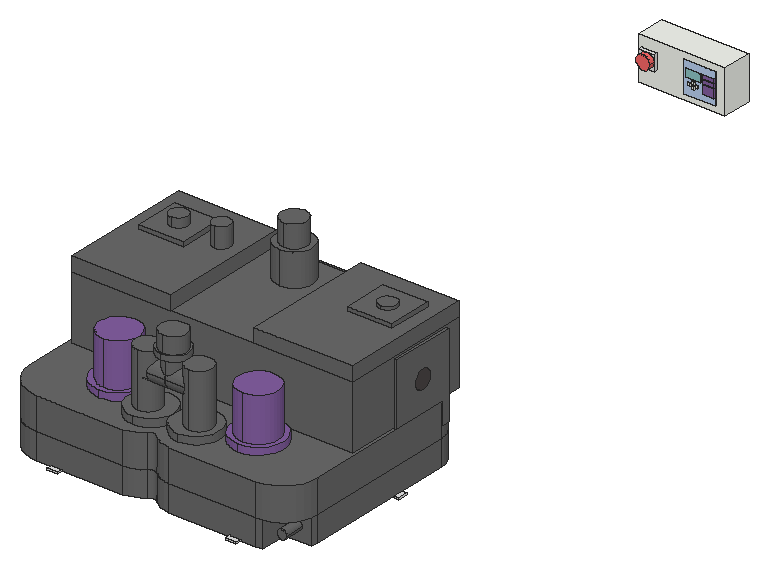
Revit family "11054", category Generic Models, Revit 2021
Family settings
  Can host rebar = No
  Round Connector Dimension = Use Diameter
  Part Type = Normal
  Work Plane-Based = No
  Always vertical = Yes
  Cut with Voids When Loaded = No
  Shared = Yes
  Room Calculation Point = No
Parameters (values of type "11054")
  SUPPLIER = "KESSEL"
  SA700ID49 = "Protection Class I"
  SA700ID48 = "no"
  SA700ID47 = "no"
  SA700ID46 = "yes"
  SA700ID37 = 16000 mm
  SA700ID34 = 47
  SA700ID33 = 3.2 W
  SA700ID32 = 114.95 kg
  SA700ID31 = 1
  SA700ID30 = 2
  SA700ID29 = "GLRD"
  SA700ID21 = 1600
  SA700ID10 = "yes"
  SA700ID08 = 400 V
  PROCUREWEBLINK = "https://p.caden.as/kessel/11054"
  PROCURELINK = "p.caden.as/kessel/11054"
  PROCUREDATALASTUPDATE = "2024-05-22T12:17:50.491001613+01:00"
  PREVIEW = "../../bilder/ksb_w_11054.png"
  PRC_SPECIFICATIONLINK = "https://ausschreiben.de/catalog/kessel/catalogItem/a0bdbd03-12e1-492a-a1d0-bb80c7698ff1"
  NN = "Lifting station Aqualift F XL"
  NBSYN = "$SA810ID03."
  NB = "11054"
  Model = "11054"
  Manufacturer = "KESSEL"
  MIdent = "{$CADENAS_DATA/23d-libs/kessel/kessel_vdi_import/4/entwaesserung/hebeanlage20aqualift20f20xl.prj},201 {STYP=ASS},{VTYP=3D},{NB=11054},{LINA=11054},{NN=Lifting station Aqualift F XL},{DATE=21.11.2022 10:48:11},{GEOMDATE=21.11.2022 10:48:11},{VERSION=},{LINEID=340},{WBVAR=LODLEVEL},{WBNUMERIC=LODLEVEL}  {NB=11054},{LINA=11054},{KT=DUMMY},{PREVIEW=../../bilder/ksb_w_11054.png},{SA700ID04=Hebeanlage Aqualift F XL 450 l, Duo, SPF 3000-S3},{SA810ID06=04026092057216},{SA700ID34=47.00},{SA010ID03=201805},{SA810ID03=11054},{SA810ID10=Aqualift F XL 3000W-S3 Duo 450L o.S.KESSEL Aqualift F XL Hebeanlage für fäkalienhaltiges und fäkalienfreies Abwasser. Zur Aufstellung in frostgeschützten Räumen.Duoanlage mit zwei Pumpen des Typs SPF 3000-S3 Sammelbehälter aus Polyethylen, mit verschraubter Reinigungsöffnung,Anschlussstutzen für Zulauf von oben DN100/150.Inklusive Tauchrohr zur pneumatischen Niveauerfassung,Entlüftungsanschluss DN 70 und Anschluss für eine Handmembranpumpe DN 32.Behälter inklusive Haltewinkel zur Auftriebssicherung.Behältervolumen 450 Liter, max. Nutzvolumen bei Zulauf von oben ca. 250 Liter.Zwei seitliche und drei rückseitige Anbohrflächen zur Montage weiterer Zuläufe bis DN 200 unter Verwendung von Durchgangsdichtungen.Inklusive KESSEL Schaltgerät Aqualift Comfort 400 V.Anwenderfreundliche Menüführung im mehrzeiligem Display. MitSelbstdiagnosesystem (SDS) und Erinnerungsfunktion für nächste Wartung.Anzeige der aktuellen Messwerte. Einfache Einstellung derfunktionsrelevanten Parameter, inklusive Betriebsstundenzähler und potentialfreiem Kontakt. Optionale Weiterleitung von Alarm- und Sammelstörmeldung über GSM Schnittstelle.Schaltgerät mit Volltextanzeige in sechs Sprachen.Abwasserpumpe(n) mit Freistromrad zur Förderung von fäkalienfreiem und fäkalienhaltigem Abwasser gemäß DIN EN 12050-1. Freier Kugeldurchgang mindestens 40 mm. Pumpe(n) überflutungssicher.Inklusive Rückflussverhinderer, mit Druckabgang aus Kunststoff DN 100. Ohne Absperrschieber.Pumpe(n) Typ SPF 3000-S3Fördermenge: max. 47 m³/hFörderhöhe: max. 16 mNennleistung (P2): 2,7 KW je PumpeAufnahmeleistung (P1):  3,3 KW je PumpeBetriebsspannung: 400 V DSNennfrequenz: 50 HzNennstrom: 5,4 AAbsicherung: 3 x 16 A trägeSchutzart (Pumpe): IP68 3mWS/48hSchutzart (Schaltgerät): IP 65Bertiebsart: S3 (50 % Einschaltdauer)Kabellänge: 5 mAußenmaße Anlage mit 450 Liter Behälter (BxTxH): 1260 x 960 x 770 mmGewicht ca. 114,95 kg},{SA700ID37=16.00},{SA700ID33=3.20},{SA700ID08=400},{SA700ID30=2},{SA700ID32=114.95},{SA700ID49=Schutzklasse I},{SA700ID50=intern},{SA200ID03=6},{SA250ID03=vertikal},{SA260ID03=Trockenläuferpumpe},{SA350ID03=normalansaugend},{SA400ID03=E-Motor für Drehstrom},{SA460ID03=direkt},{SA500ID03=Kunststoff, Edelstahl},{SA700ID06=100},{SA700ID07=100},{SA700ID09=3/N/PE 400V},{SA700ID10=Ja},{SA700ID11=50},{SA700ID12=IP 68},{SA700ID13=F},{SA700ID15=40},{SA700ID21=1600.00},{SA700ID22=2.70},{SA700ID23=2845},{SA700ID24=2845},{SA700ID26=5.40},{SA700ID27=41.00},{SA700ID28=durchgehend},{SA700ID29=GLRD},{SA700ID31=1},{SA700ID46=ja},{SA700ID47=nein},{SA700ID48=nein},{SA110ID04=Hebeanlage Aqualift F XL},{SA300ID03=einstufig},{SA700ID44=10.00},{SA700ID45=10.00},{SA010ID04=KESSEL AG},{LODLEVEL=200},{LINK=https://www.kessel.de/info?han=11054},{SA970ID01=970},{SA970ID02=7201},{SA970ID03=11054},{SA970ID04=11002617},{SA970ID05=QUAD},{SA970ID06=-655.51},{SA970ID07=-836},{SA970ID08=0},{SA970ID09=1},{SA970ID10=0},{SA970ID11=0},{SA970ID12=0},{SA970ID13=1},{SA970ID14=0},{SA970ID15=1311.02},{SA970ID16=985.99},{SA970ID17=771},{LODLEVEL_=200,'Low'},{LODLEVEL_DEU=200,'Low'},{LINK_=https://www.kessel.de/info?han=11054},{LINK_DEU=https://www.kessel.de/info?han=11054},{LODLEVEL_3DB=11054_200},{DNIN1=100},{DNIN2=70},{DNIN4=10},{DNIN5=10},{DNIN6=50},{DNIN7=50},{DNIN8=50},{DNIN9=50},{DNOUT1=32},{DNOUT2=100},{DNOUT3=70},{ISD1=96},{ISD2=10},{ISDOUT1=40},{ISDOUT2=85},{ISDOUT3=60},{SA010ID01=010},{SA010ID02=4},{SA010ID06=www.kessel.de},{SA010ID07=www.kessel.de},{SA010ID12=20180713},{SA010ID13=DEU},{SA010ID14=DE},{SA100ID01=100},{SA100ID02=4},{SA100ID04=Entwässerung},{SA110ID01=110},{SA110ID02=6},{SA200ID01=200},{SA200ID02=6},{SA250ID01=250},{SA250ID02=2},{SA260ID01=260},{SA260ID02=2},{SA300ID01=300},{SA300ID02=1},{SA350ID01=350},{SA350ID02=1},{SA400ID01=400},{SA400ID02=2},{SA460ID01=460},{SA460ID02=1},{SA500ID01=500},{SA500ID02=1},{SA700ID01=700},{SA700ID02=57},{SA700ID10_=1},{SA700ID16=0},{SA700ID25=0},{SA700ID46_=1},{SA700ID47_=0},{SA700ID48_=0},{SA700ID49_=1},{SA700ID50_=2},{SA800ID01=800},{SA800ID02=21},{SA810ID01=810},{SA810ID02=57},{SA810ID04=11054},{SA810ID07=57},{SA810ID09=1},{SA810ID14=PCE},{SA810ID15=1},{SA810ID16=NMP},{SA960ID03=57},{SA960ID04=3L},{SA960ID08=https://www.kessel.de/info?han=11054},{SA010ID08=4026092000007},{SA100ID05=Hebeanlage},{SA110ID06=Hebeanlage}"
  LINK = "https://www.kessel.de/info?han=11054"
  LINA = "11054"
  Default Elevation = 0 mm
  CREATOR = "CADENAS GmbH"
  CATALOG = "KESSEL"
  BOMINFO = "LINA"
  ARTICLENO = "NB"
  4.810.00.9 Order quantity (multiplicator) = "1"
  4.810.00.7 Media- connection number = "57"
  4.810.00.6 GTIN number = "04026092057216"
  4.810.00.4 DATANORM number = "11054"
  4.810.00.3 Producer order number = "11054"
  4.710.03.7 Mass (net) = 114.95 kg
  4.710.03.6 Height = 770 mm
  4.710.03.5 Width = 1000 mm
  4.710.03.4 Length = 1260 mm
  4.710.03.3 Type of dimensions = "2"
  4.710.02.8 Area of application of wastewater pump = "1"
  4.710.02.7 Art des S2/S3-Betriebs = "50 %"
  4.710.02.6 Duty type = "S3"
  4.710.02.5 Cutting device = "0"
  4.710.02.4 Attached pump control = "1"
  4.710.02.3 Free passage = 40 mm
  4.710.01.6 Option to connect to building automation = "40"
  4.710.01.5 Load regulation = "0"
  4.710.01.4 Designation of closed-loop control = "250"
  4.710.01.3 Identifier for closed-loop control = "450"
  4.700.00.9 Voltage = 0
  4.700.00.8 Nominal connection size on suction side = "100"
  4.700.00.7 Nominal connection size on pressure side = "100"
  4.700.00.6 Type of connection = "100"
  4.700.00.4 Product indentification = "Hebeanlage Aqualift F XL 450 l, Duo, SPF 3000-S3"
  4.700.00.28 Motor pump shaft = "durchgehend"
  4.700.00.27 Starting current = 41
  4.700.00.26 Maximum power consumption per pump / drive = 5.4
  4.700.00.25 Minimum speed at internal speed adjustment = 0
  4.700.00.24 Nominal speed / maximum speed n = 47.4167
  4.700.00.23 Nominal speed of motor = 47.4167
  4.700.00.22 Maximum shaft output (P2) per pump/drive = 2.7 W
  4.700.00.16 Maximum temperature of pumped medium = 0 °C
  4.700.00.15 Increased safety class = "40 °C"
  4.700.00.13 Type of protection = "F"
  4.700.00.12 Frequency = 0
  4.700.00.11 Stern-/Dreieck-Anlaufschaltung bei Dreiphasenanschluss oder Drehstrom = "50 Hz"
  4.700.00.10 Phase = "1"
  4.500.00.3 Variant / Variant type / Accessories-name = "Kunststoff, Edelstahl"
  4.460.00.3 Variant / Variant type / Accessories-name = "direkt"
  4.400.00.3 Variant / Variant type / Accessories-name = "E-Motor für Drehstrom"
  4.350.00.3 Variant / Variant type / Accessories-name = "normalansaugend"
  4.300.00.3 Variant / Variant type / Accessories-name = "einstufig"
  4.260.00.3 Variant / Variant type / Accessories-name = "Trockenläuferpumpe"
  4.250.00.3 Variant / Variant type / Accessories-name = "vertikal"
  4.200.00.3 Variant / Variant type / Accessories-name = "6"
  4.110.00.6 Product classification = "Hebeanlage"
  4.110.00.4 Product indentification = "Hebeanlage Aqualift F XL"
  4.100.00.5 Main groups of wares = "Hebeanlage"
  4.100.00.4 Product indentification = "Entwässerung"
  4.010.00.8 Producer ID number = "4026092000007"
  4.010.00.7 Comment = "www.kessel.de"
  4.010.00.6 Web address of the manufacturer = "www.kessel.de"
  4.010.00.4 Manufacturer name = "KESSEL AG"
  4.010.00.3 Date of issuance (month) of guideline = "201805"
  4.010.00.2 Sheet number of the guideline = "4"
  4.010.00.14 Kennungen der Projektländer, für die die Datei gültig ist = "DE"
  4.010.00.13 Sprache der Datei = "DEU"
  4.010.00.12 Stand des Herstellerkatalogs = "20180713"
Reference planes
  plane 1 "Center (Front/Back)": y = 0
  plane 2: z = 0
  plane 3 "Center (Left/Right)": x = 0
Dimensions and locks
  aligned and locked: level to plane 2
Nested families
  nested 1: "11054_content" at (0, 0, 0), type "11054_Content"
  nested 2: "11054_part1_X0Y0" at (1000, 1000, 1200), type "11054_PART1_X0Y0"
  nested 3: "11054_part2_X0Y0" at (0, 0, 0), type "11054_PART2_X0Y0"
Connectors
  electrical at (861, 933, 1201.5)
    settings: on nested 2, index 1, voltage 0 V, apparent load 0 VA, apparent load phase1 0 VA, apparent load phase2 0 VA, apparent load phase3 0 VA, power factor 1, load classification "Other", number of poles 1, system type 31, power factor state 1, is connector primary yes, connector utility no, sub classification motor no, connector description ""
  piping at (0, 0, 771), diameter 100
    settings: on nested 3, index 2, connector inside diameter 609.6 mm, connector length 0 mm, flow factor 0, pipe flow 0.0 L/s, pressure drop 0.0 Pa, fitting loss kfactor 0, connector angle 0.00°, fixture units 0, engagement length 0 mm, angle of deflection 0.00°, flow configuration 0, flow direction 1, fitting loss method 2, system type 8, joint type 0, gender type 0, connector reference index -1, connector utility 0, adjustable connector no, is connector primary yes, connector description ""
  piping at (631, -85, 392), diameter 70
    settings: on nested 3, index 3, connector inside diameter 609.6 mm, connector length 0 mm, flow factor 0, pipe flow 0.0 L/s, pressure drop 0.0 Pa, fitting loss kfactor 0, connector angle 0.00°, fixture units 0, engagement length 0 mm, angle of deflection 0.00°, flow configuration 0, flow direction 0, fitting loss method 2, system type 8, joint type 0, gender type 0, connector reference index -1, connector utility 0, adjustable connector no, is connector primary no, connector description ""
  piping at (358.7, 150.5, 392), diameter 70
    settings: on nested 3, index 4, connector inside diameter 609.6 mm, connector length 0 mm, flow factor 0, pipe flow 0.0 L/s, pressure drop 0.0 Pa, fitting loss kfactor 0, connector angle 0.00°, fixture units 0, engagement length 0 mm, angle of deflection 0.00°, flow configuration 0, flow direction 0, fitting loss method 2, system type 8, joint type 0, gender type 0, connector reference index -1, connector utility 0, adjustable connector no, is connector primary no, connector description ""
  piping at (0, 150.5, 392), diameter 70
    settings: on nested 3, index 5, connector inside diameter 609.6 mm, connector length 0 mm, flow factor 0, pipe flow 0.0 L/s, pressure drop 0.0 Pa, fitting loss kfactor 0, connector angle 0.00°, fixture units 0, engagement length 0 mm, angle of deflection 0.00°, flow configuration 0, flow direction 0, fitting loss method 2, system type 8, joint type 0, gender type 0, connector reference index -1, connector utility 0, adjustable connector no, is connector primary no, connector description ""
  piping at (-357.7, 150.5, 392), diameter 70
    settings: on nested 3, index 6, connector inside diameter 609.6 mm, connector length 0 mm, flow factor 0, pipe flow 0.0 L/s, pressure drop 0.0 Pa, fitting loss kfactor 0, connector angle 0.00°, fixture units 0, engagement length 0 mm, angle of deflection 0.00°, flow configuration 0, flow direction 0, fitting loss method 2, system type 8, joint type 0, gender type 0, connector reference index -1, connector utility 0, adjustable connector no, is connector primary no, connector description ""
  piping at (-630.5, -85, 392), diameter 70
    settings: on nested 3, index 7, connector inside diameter 609.6 mm, connector length 0 mm, flow factor 0, pipe flow 0.0 L/s, pressure drop 0.0 Pa, fitting loss kfactor 0, connector angle 0.00°, fixture units 0, engagement length 0 mm, angle of deflection 0.00°, flow configuration 0, flow direction 0, fitting loss method 2, system type 8, joint type 0, gender type 0, connector reference index -1, connector utility 0, adjustable connector no, is connector primary no, connector description ""
  piping at (-0.5, -660, 620), diameter 100
    settings: on nested 3, index 8, connector inside diameter 609.6 mm, connector length 0 mm, flow factor 0, pipe flow 0.0 L/s, pressure drop 0.0 Pa, fitting loss kfactor 0, connector angle 0.00°, fixture units 0, engagement length 0 mm, angle of deflection 0.00°, flow configuration 0, flow direction 2, fitting loss method 2, system type 7, joint type 0, gender type 0, connector reference index -1, connector utility 0, adjustable connector no, is connector primary no, connector description ""
  piping at (-270, -60, 681), diameter 70
    settings: on nested 3, index 9, connector inside diameter 609.6 mm, connector length 0 mm, flow factor 0, pipe flow 0.0 L/s, pressure drop 0.0 Pa, fitting loss kfactor 0, connector angle 0.00°, fixture units 0, engagement length 0 mm, angle of deflection 0.00°, flow configuration 0, flow direction 2, fitting loss method 2, system type 7, joint type 0, gender type 0, connector reference index -1, connector utility 0, adjustable connector no, is connector primary no, connector description ""
  piping at (565, -772.67, 61), diameter 32
    settings: on nested 3, index 10, connector inside diameter 609.6 mm, connector length 0 mm, flow factor 0, pipe flow 0.0 L/s, pressure drop 0.0 Pa, fitting loss kfactor 0, connector angle 0.00°, fixture units 0, engagement length 0 mm, angle of deflection 0.00°, flow configuration 0, flow direction 2, fitting loss method 2, system type 7, joint type 0, gender type 0, connector reference index -1, connector utility 0, adjustable connector no, is connector primary no, connector description ""
  electrical at (304.25, -577, 477)
    settings: on nested 3, index 11, voltage 0 V, apparent load 0 VA, apparent load phase1 0 VA, apparent load phase2 0 VA, apparent load phase3 0 VA, power factor 1, load classification "Other", number of poles 1, system type 31, power factor state 1, is connector primary no, connector utility no, sub classification motor no, connector description ""
  electrical at (-304.25, -577, 477)
    settings: on nested 3, index 12, voltage 0 V, apparent load 0 VA, apparent load phase1 0 VA, apparent load phase2 0 VA, apparent load phase3 0 VA, power factor 1, load classification "Other", number of poles 1, system type 31, power factor state 1, is connector primary no, connector utility no, sub classification motor no, connector description ""
  electrical at (-457.5, -59.5, 650)
    settings: on nested 3, index 13, voltage 0 V, apparent load 0 VA, apparent load phase1 0 VA, apparent load phase2 0 VA, apparent load phase3 0 VA, power factor 1, load classification "Other", number of poles 1, system type 31, power factor state 1, is connector primary no, connector utility no, sub classification motor no, connector description ""
Definition of nested family "11054_part1_X0Y0"
  Parameters (values of type "11054_PART1_X0Y0")
    SUPPLIER = "KESSEL"
    SA700ID49 = "Protection Class I"
    SA700ID48 = "no"
    SA700ID47 = "no"
    SA700ID46 = "yes"
    SA700ID37 = 16000 mm
    SA700ID34 = 47
    SA700ID33 = 3.2 W
    SA700ID32 = 114.95 kg
    SA700ID31 = 1
    SA700ID30 = 2
    SA700ID29 = "GLRD"
    SA700ID21 = 1600
    SA700ID10 = "yes"
    SA700ID08 = 400 V
    PREVIEW = "../../bilder/ksb_w_11054.png"
    NBSYN = "$SA810ID03._PART1"
    NB = "11054_PART1"
    Model = "11054_PART1"
    Manufacturer = "KESSEL"
    MIdent = "{$CADENAS_DATA/23d-libs/kessel/kessel_vdi_import/4/entwaesserung/hebeanlage20aqualift20f20xl.prj},221 {VTYP=3D},{NB=11054_PART1},{LINA=11054_PART1},{NN=Lifting station Aqualift F XL_PART1},{NOPRJ=TRUE},{DATE=21.11.2022 10:48:11},{GEOMDATE=21.11.2022 10:48:11},{VERSION=},{LINEID=340},{WBVAR=LODLEVEL},{WBNUMERIC=LODLEVEL}  {NB=11054_PART1},{LINA=11054_PART1},{KT=DUMMY},{PREVIEW=../../bilder/ksb_w_11054.png},{SA700ID04=Hebeanlage Aqualift F XL 450 l, Duo, SPF 3000-S3},{SA810ID06=04026092057216},{SA700ID34=47.00},{SA010ID03=201805},{SA810ID03=11054},{SA810ID10=Aqualift F XL 3000W-S3 Duo 450L o.S.KESSEL Aqualift F XL Hebeanlage für fäkalienhaltiges und fäkalienfreies Abwasser. Zur Aufstellung in frostgeschützten Räumen.Duoanlage mit zwei Pumpen des Typs SPF 3000-S3 Sammelbehälter aus Polyethylen, mit verschraubter Reinigungsöffnung,Anschlussstutzen für Zulauf von oben DN100/150.Inklusive Tauchrohr zur pneumatischen Niveauerfassung,Entlüftungsanschluss DN 70 und Anschluss für eine Handmembranpumpe DN 32.Behälter inklusive Haltewinkel zur Auftriebssicherung.Behältervolumen 450 Liter, max. Nutzvolumen bei Zulauf von oben ca. 250 Liter.Zwei seitliche und drei rückseitige Anbohrflächen zur Montage weiterer Zuläufe bis DN 200 unter Verwendung von Durchgangsdichtungen.Inklusive KESSEL Schaltgerät Aqualift Comfort 400 V.Anwenderfreundliche Menüführung im mehrzeiligem Display. MitSelbstdiagnosesystem (SDS) und Erinnerungsfunktion für nächste Wartung.Anzeige der aktuellen Messwerte. Einfache Einstellung derfunktionsrelevanten Parameter, inklusive Betriebsstundenzähler und potentialfreiem Kontakt. Optionale Weiterleitung von Alarm- und Sammelstörmeldung über GSM Schnittstelle.Schaltgerät mit Volltextanzeige in sechs Sprachen.Abwasserpumpe(n) mit Freistromrad zur Förderung von fäkalienfreiem und fäkalienhaltigem Abwasser gemäß DIN EN 12050-1. Freier Kugeldurchgang mindestens 40 mm. Pumpe(n) überflutungssicher.Inklusive Rückflussverhinderer, mit Druckabgang aus Kunststoff DN 100. Ohne Absperrschieber.Pumpe(n) Typ SPF 3000-S3Fördermenge: max. 47 m³/hFörderhöhe: max. 16 mNennleistung (P2): 2,7 KW je PumpeAufnahmeleistung (P1):  3,3 KW je PumpeBetriebsspannung: 400 V DSNennfrequenz: 50 HzNennstrom: 5,4 AAbsicherung: 3 x 16 A trägeSchutzart (Pumpe): IP68 3mWS/48hSchutzart (Schaltgerät): IP 65Bertiebsart: S3 (50 % Einschaltdauer)Kabellänge: 5 mAußenmaße Anlage mit 450 Liter Behälter (BxTxH): 1260 x 960 x 770 mmGewicht ca. 114,95 kg},{SA700ID37=16.00},{SA700ID33=3.20},{SA700ID08=400},{SA700ID30=2},{SA700ID32=114.95},{SA700ID49=Schutzklasse I},{SA700ID50=intern},{SA200ID03=6},{SA250ID03=vertikal},{SA260ID03=Trockenläuferpumpe},{SA350ID03=normalansaugend},{SA400ID03=E-Motor für Drehstrom},{SA460ID03=direkt},{SA500ID03=Kunststoff, Edelstahl},{SA700ID06=100},{SA700ID07=100},{SA700ID09=3/N/PE 400V},{SA700ID10=Ja},{SA700ID11=50},{SA700ID12=IP 68},{SA700ID13=F},{SA700ID15=40},{SA700ID21=1600.00},{SA700ID22=2.70},{SA700ID23=2845},{SA700ID24=2845},{SA700ID26=5.40},{SA700ID27=41.00},{SA700ID28=durchgehend},{SA700ID29=GLRD},{SA700ID31=1},{SA700ID46=ja},{SA700ID47=nein},{SA700ID48=nein},{SA110ID04=Hebeanlage Aqualift F XL},{SA300ID03=einstufig},{SA700ID44=10.00},{SA700ID45=10.00},{SA010ID04=KESSEL AG},{LODLEVEL=200},{LINK=https://www.kessel.de/info?han=11054},{SA970ID01=970},{SA970ID02=7201},{SA970ID03=11054},{SA970ID04=11002617},{SA970ID05=QUAD},{SA970ID06=-655.51},{SA970ID07=-836},{SA970ID08=0},{SA970ID09=1},{SA970ID10=0},{SA970ID11=0},{SA970ID12=0},{SA970ID13=1},{SA970ID14=0},{SA970ID15=1311.02},{SA970ID16=985.99},{SA970ID17=771},{LODLEVEL_=200,'Low'},{LODLEVEL_DEU=200,'Low'},{LINK_=https://www.kessel.de/info?han=11054},{LINK_DEU=https://www.kessel.de/info?han=11054},{LODLEVEL_3DB=11054_200},{DNIN1=100},{DNIN2=70},{DNIN4=10},{DNIN5=10},{DNIN6=50},{DNIN7=50},{DNIN8=50},{DNIN9=50},{DNOUT1=32},{DNOUT2=100},{DNOUT3=70},{ISD1=96},{ISD2=10},{ISDOUT1=40},{ISDOUT2=85},{ISDOUT3=60},{SA010ID01=010},{SA010ID02=4},{SA010ID06=www.kessel.de},{SA010ID07=www.kessel.de},{SA010ID12=20180713},{SA010ID13=DEU},{SA010ID14=DE},{SA100ID01=100},{SA100ID02=4},{SA100ID04=Entwässerung},{SA110ID01=110},{SA110ID02=6},{SA200ID01=200},{SA200ID02=6},{SA250ID01=250},{SA250ID02=2},{SA260ID01=260},{SA260ID02=2},{SA300ID01=300},{SA300ID02=1},{SA350ID01=350},{SA350ID02=1},{SA400ID01=400},{SA400ID02=2},{SA460ID01=460},{SA460ID02=1},{SA500ID01=500},{SA500ID02=1},{SA700ID01=700},{SA700ID02=57},{SA700ID10_=1},{SA700ID16=0},{SA700ID25=0},{SA700ID46_=1},{SA700ID47_=0},{SA700ID48_=0},{SA700ID49_=1},{SA700ID50_=2},{SA800ID01=800},{SA800ID02=21},{SA810ID01=810},{SA810ID02=57},{SA810ID04=11054},{SA810ID07=57},{SA810ID09=1},{SA810ID14=PCE},{SA810ID15=1},{SA810ID16=NMP},{SA960ID03=57},{SA960ID04=3L},{SA960ID08=https://www.kessel.de/info?han=11054},{SA010ID08=4026092000007},{SA100ID05=Hebeanlage},{SA110ID06=Hebeanlage}"
    LINK = "https://www.kessel.de/info?han=11054"
    LINA = "11054_PART1"
    Default Elevation = 1219.2 mm
    CREATOR = "CADENAS GmbH"
    CATALOG = "KESSEL"
    BOMINFO = "LINA"
    ARTICLENO = "NB"
    4.810.00.9 Order quantity (multiplicator) = "1"
    4.810.00.7 Media- connection number = "57"
    4.810.00.6 GTIN number = "04026092057216"
    4.810.00.4 DATANORM number = "11054"
    4.810.00.3 Producer order number = "11054"
    4.710.03.7 Mass (net) = 114.95 kg
    4.710.03.6 Height = 770 mm
    4.710.03.5 Width = 1000 mm
    4.710.03.4 Length = 1260 mm
    4.710.03.3 Type of dimensions = "2"
    4.710.02.8 Area of application of wastewater pump = "1"
    4.710.02.7 Art des S2/S3-Betriebs = "50 %"
    4.710.02.6 Duty type = "S3"
    4.710.02.5 Cutting device = "0"
    4.710.02.4 Attached pump control = "1"
    4.710.02.3 Free passage = 40 mm
    4.710.01.6 Option to connect to building automation = "40"
    4.710.01.5 Load regulation = "0"
    4.710.01.4 Designation of closed-loop control = "250"
    4.710.01.3 Identifier for closed-loop control = "450"
    4.700.00.9 Voltage = 0
    4.700.00.8 Nominal connection size on suction side = "100"
    4.700.00.7 Nominal connection size on pressure side = "100"
    4.700.00.6 Type of connection = "100"
    4.700.00.4 Product indentification = "Hebeanlage Aqualift F XL 450 l, Duo, SPF 3000-S3"
    4.700.00.28 Motor pump shaft = "durchgehend"
    4.700.00.27 Starting current = 41
    4.700.00.26 Maximum power consumption per pump / drive = 5.4
    4.700.00.25 Minimum speed at internal speed adjustment = 0
    4.700.00.24 Nominal speed / maximum speed n = 47.4167
    4.700.00.23 Nominal speed of motor = 47.4167
    4.700.00.22 Maximum shaft output (P2) per pump/drive = 2.7 W
    4.700.00.16 Maximum temperature of pumped medium = 0 °C
    4.700.00.15 Increased safety class = "40 °C"
    4.700.00.13 Type of protection = "F"
    4.700.00.12 Frequency = 0
    4.700.00.11 Stern-/Dreieck-Anlaufschaltung bei Dreiphasenanschluss oder Drehstrom = "50 Hz"
    4.700.00.10 Phase = "1"
    4.500.00.3 Variant / Variant type / Accessories-name = "Kunststoff, Edelstahl"
    4.460.00.3 Variant / Variant type / Accessories-name = "direkt"
    4.400.00.3 Variant / Variant type / Accessories-name = "E-Motor für Drehstrom"
    4.350.00.3 Variant / Variant type / Accessories-name = "normalansaugend"
    4.300.00.3 Variant / Variant type / Accessories-name = "einstufig"
    4.260.00.3 Variant / Variant type / Accessories-name = "Trockenläuferpumpe"
    4.250.00.3 Variant / Variant type / Accessories-name = "vertikal"
    4.200.00.3 Variant / Variant type / Accessories-name = "6"
    4.110.00.6 Product classification = "Hebeanlage"
    4.110.00.4 Product indentification = "Hebeanlage Aqualift F XL"
    4.100.00.5 Main groups of wares = "Hebeanlage"
    4.100.00.4 Product indentification = "Entwässerung"
    4.010.00.8 Producer ID number = "4026092000007"
    4.010.00.7 Comment = "www.kessel.de"
    4.010.00.6 Web address of the manufacturer = "www.kessel.de"
    4.010.00.4 Manufacturer name = "KESSEL AG"
    4.010.00.3 Date of issuance (month) of guideline = "201805"
    4.010.00.2 Sheet number of the guideline = "4"
    4.010.00.14 Kennungen der Projektländer, für die die Datei gültig ist = "DE"
    4.010.00.13 Sprache der Datei = "DEU"
    4.010.00.12 Stand des Herstellerkatalogs = "20180713"
  Reference planes
    plane 1 "Center (Front/Back)": y = 0
    plane 2: z = 0
    plane 3 "Center (Left/Right)": x = 0
  Dimensions and locks
    aligned and locked: level to plane 2
  Nested families
    nested 1: "11054_part1_content" at (0, 0, 0), type "11054_PART1_Content"
  Definition of nested family "11054_part1_content"
    Parameters (values of type "11054_PART1_Content")
      SUPPLIER = "KESSEL"
      SA700ID49 = "Protection Class I"
      SA700ID48 = "no"
      SA700ID47 = "no"
      SA700ID46 = "yes"
      SA700ID37 = 16000 mm
      SA700ID34 = 47
      SA700ID33 = 3.2 W
      SA700ID32 = 114.95 kg
      SA700ID31 = 1
      SA700ID30 = 2
      SA700ID29 = "GLRD"
      SA700ID21 = 1600
      SA700ID10 = "yes"
      SA700ID08 = 400 V
      PREVIEW = "../../bilder/ksb_w_11054.png"
      NBSYN = "$SA810ID03._PART1"
      NB = "11054_PART1"
      Model = "11054_PART1"
      Manufacturer = "KESSEL"
      LINK = "https://www.kessel.de/info?han=11054"
      LINA = "11054_PART1"
      Default Elevation = 1219.2 mm
      CREATOR = "CADENAS GmbH"
      CATALOG = "KESSEL"
      BOMINFO = "LINA"
      ARTICLENO = "NB"
      4.810.00.9 Order quantity (multiplicator) = "1"
      4.810.00.7 Media- connection number = "57"
      4.810.00.6 GTIN number = "04026092057216"
      4.810.00.4 DATANORM number = "11054"
      4.810.00.3 Producer order number = "11054"
      4.710.03.7 Mass (net) = 114.95 kg
      4.710.03.6 Height = 770 mm
      4.710.03.5 Width = 1000 mm
      4.710.03.4 Length = 1260 mm
      4.710.03.3 Type of dimensions = "2"
      4.710.02.8 Area of application of wastewater pump = "1"
      4.710.02.7 Art des S2/S3-Betriebs = "50 %"
      4.710.02.6 Duty type = "S3"
      4.710.02.5 Cutting device = "0"
      4.710.02.4 Attached pump control = "1"
      4.710.02.3 Free passage = 40 mm
      4.710.01.6 Option to connect to building automation = "40"
      4.710.01.5 Load regulation = "0"
      4.710.01.4 Designation of closed-loop control = "250"
      4.710.01.3 Identifier for closed-loop control = "450"
      4.700.00.9 Voltage = 0
      4.700.00.8 Nominal connection size on suction side = "100"
      4.700.00.7 Nominal connection size on pressure side = "100"
      4.700.00.6 Type of connection = "100"
      4.700.00.4 Product indentification = "Hebeanlage Aqualift F XL 450 l, Duo, SPF 3000-S3"
      4.700.00.28 Motor pump shaft = "durchgehend"
      4.700.00.27 Starting current = 41
      4.700.00.26 Maximum power consumption per pump / drive = 5.4
      4.700.00.25 Minimum speed at internal speed adjustment = 0
      4.700.00.24 Nominal speed / maximum speed n = 47.4167
      4.700.00.23 Nominal speed of motor = 47.4167
      4.700.00.22 Maximum shaft output (P2) per pump/drive = 2.7 W
      4.700.00.16 Maximum temperature of pumped medium = 0 °C
      4.700.00.15 Increased safety class = "40 °C"
      4.700.00.13 Type of protection = "F"
      4.700.00.12 Frequency = 0
      4.700.00.11 Stern-/Dreieck-Anlaufschaltung bei Dreiphasenanschluss oder Drehstrom = "50 Hz"
      4.700.00.10 Phase = "1"
      4.500.00.3 Variant / Variant type / Accessories-name = "Kunststoff, Edelstahl"
      4.460.00.3 Variant / Variant type / Accessories-name = "direkt"
      4.400.00.3 Variant / Variant type / Accessories-name = "E-Motor für Drehstrom"
      4.350.00.3 Variant / Variant type / Accessories-name = "normalansaugend"
      4.300.00.3 Variant / Variant type / Accessories-name = "einstufig"
      4.260.00.3 Variant / Variant type / Accessories-name = "Trockenläuferpumpe"
      4.250.00.3 Variant / Variant type / Accessories-name = "vertikal"
      4.200.00.3 Variant / Variant type / Accessories-name = "6"
      4.110.00.6 Product classification = "Hebeanlage"
      4.110.00.4 Product indentification = "Hebeanlage Aqualift F XL"
      4.100.00.5 Main groups of wares = "Hebeanlage"
      4.100.00.4 Product indentification = "Entwässerung"
      4.010.00.8 Producer ID number = "4026092000007"
      4.010.00.7 Comment = "www.kessel.de"
      4.010.00.6 Web address of the manufacturer = "www.kessel.de"
      4.010.00.4 Manufacturer name = "KESSEL AG"
      4.010.00.3 Date of issuance (month) of guideline = "201805"
      4.010.00.2 Sheet number of the guideline = "4"
      4.010.00.14 Kennungen der Projektländer, für die die Datei gültig ist = "DE"
      4.010.00.13 Sprache der Datei = "DEU"
      4.010.00.12 Stand des Herstellerkatalogs = "20180713"
    Reference planes
      plane 1 "Center (Front/Back)": y = 0
      plane 2: z = 0
      plane 3 "Center (Left/Right)": x = 0
    Forms (mm)
      Extrusion 1, solid, detail levels medium+fine
        sketch origin (189.25, -1.75, 0.2) x (0, -1, 0) y (0, 0, 1)
          loop
            line (0, 187.8) -> (0, 0) -> (127.75, 0) -> (127.75, 187.8) -> (0, 187.8)
        from 0 to 378.5
      Extrusion 2, solid, detail levels medium+fine
        sketch origin (-4, -67, 0) x (0, 1, 0) y (-1, 0, 0)
          loop
            circle (0, 0) r 12.5
        from 0 to 1.5
      Extrusion 3, solid, detail levels medium+fine
        sketch origin (150.8, -129.5, 26.5) x (0, -1, 0) y (0, 0, 1)
          loop
            line (-1.2, 134.8) -> (-1.2, 0) -> (0.25, 0) -> (0.25, 134.8) -> (-1.2, 134.8)
        from 0 to 139.9
      Extrusion 4, solid, detail levels medium+fine
        sketch origin (72.55, -129.75, 66) x (0, -1, 0) y (0, 0, 1)
          loop
            line (-1, 12) -> (-1, 0) -> (0.5, 0) -> (0.5, 12) -> (-1, 12)
        from 0 to 12
      Extrusion 5, solid, detail levels medium+fine
        sketch origin (84.45, -129.75, 93.4) x (0, -1, 0) y (0, 0, 1)
          loop
            line (-1, 37) -> (-1, 0) -> (0.5, 0) -> (0.5, 37) -> (-1, 37)
        from 0 to 66
      Extrusion 6, solid, detail levels medium+fine
        sketch origin (55.3, -129.75, 74) x (0, -1, 0) y (0, 0, 1)
          loop
            line (-1, 12) -> (-1, 0) -> (0.5, 0) -> (0.5, 12) -> (-1, 12)
        from 0 to 12
      Extrusion 7, solid, detail levels medium+fine
        sketch origin (143.3, -129.75, 94.4) x (0, -1, 0) y (0, 0, 1)
          loop
            line (0, 16) -> (0, 0) -> (1.75, 0) -> (1.75, 16) -> (0, 16)
        from 0 to 51
      Extrusion 8, solid, detail levels medium+fine
        sketch origin (143.3, -129.75, 54.4) x (0, -1, 0) y (0, 0, 1)
          loop
            line (0, 36) -> (0, 0) -> (1.75, 0) -> (1.75, 36) -> (0, 36)
        from 0 to 51
      Extrusion 9, solid, detail levels medium+fine
        sketch origin (55.3, -129.75, 57.5) x (0, -1, 0) y (0, 0, 1)
          loop
            line (-1, 12) -> (-1, 0) -> (0.5, 0) -> (0.5, 12) -> (-1, 12)
        from 0 to 12
      Extrusion 10, solid, detail levels medium+fine
        sketch origin (143.3, -129.75, 114.4) x (0, -1, 0) y (0, 0, 1)
          loop
            line (0, 16) -> (0, 0) -> (1.75, 0) -> (1.75, 16) -> (0, 16)
        from 0 to 51
      Extrusion 11, solid, detail levels medium+fine
        sketch origin (38.05, -129.75, 66) x (0, -1, 0) y (0, 0, 1)
          loop
            line (-1, 12) -> (-1, 0) -> (0.5, 0) -> (0.5, 12) -> (-1, 12)
        from 0 to 12
      Extrusion 12, solid, detail levels medium+fine
        sketch origin (47, -72, 0) x (0, 1, 0) y (-1, 0, 0)
          loop
            circle (0, 0) r 8
        from 0 to 1.5
      Extrusion 13, solid, detail levels medium+fine
        sketch origin (47, -42, 0) x (0, 1, 0) y (-1, 0, 0)
          loop
            circle (0, 0) r 5.25
        from 0 to 1.5
      Extrusion 14, solid, detail levels medium+fine
        sketch origin (77, -72, 0) x (0, 1, 0) y (-1, 0, 0)
          loop
            circle (0, 0) r 8
        from 0 to 1.5
      Extrusion 15, solid, detail levels medium+fine
        sketch origin (-94, -67, 0) x (0, 1, 0) y (-1, 0, 0)
          loop
            circle (0, 0) r 12.5
        from 0 to 1.5
      Extrusion 16, solid, detail levels medium+fine
        sketch origin (92, -42, 0) x (0, 1, 0) y (-1, 0, 0)
          loop
            circle (0, 0) r 8
        from 0 to 1.5
      Extrusion 17, solid, detail levels medium+fine
        sketch origin (107, -72, 0) x (0, 1, 0) y (-1, 0, 0)
          loop
            circle (0, 0) r 8
        from 0 to 1.5
      Extrusion 18, solid, detail levels medium+fine
        sketch origin (122, -42, 0) x (0, 1, 0) y (-1, 0, 0)
          loop
            circle (0, 0) r 8
        from 0 to 1.5
      Extrusion 19, solid, detail levels medium+fine
        sketch origin (-107.7, -129.5, 76.9) x (0, -1, 0) y (0, 0, 1)
          loop
            line (0, 67) -> (0, 0) -> (14, 0) -> (14, 67) -> (0, 67)
        from 0 to 67
      Extrusion 20, solid, detail levels medium+fine
        sketch origin (-141.2, -143.5, 110.4) x (1, 0, 0) y (0, 0, 1)
          loop
            circle (0, 0) r 30
        from 0 to 22
      Extrusion 21, solid, detail levels medium+fine
        sketch origin (127, -15, 0) x (0, 1, 0) y (-1, 0, 0)
          loop
            circle (0, 0) r 6
        from 0 to 1.5
      Extrusion 22, solid, detail levels medium+fine
        sketch origin (137, -72, 0) x (0, 1, 0) y (-1, 0, 0)
          loop
            circle (0, 0) r 8
        from 0 to 1.5
      Extrusion 23, solid, detail levels medium+fine
        sketch origin (-139, -67, 0) x (0, 1, 0) y (-1, 0, 0)
          loop
            circle (0, 0) r 12.5
        from 0 to 1.5
      Extrusion 24, solid, detail levels medium+fine
        sketch origin (152, -42, 0) x (0, 1, 0) y (-1, 0, 0)
          loop
            circle (0, 0) r 8
        from 0 to 1.5
      Extrusion 25, solid, detail levels coarse
        sketch origin (0, -83.625, 0) x (1, 0, 0) y (0, 1, 0)
          loop
            line (-189.25, -81.875) -> (189.25, -81.875) -> (189.25, 81.875) -> (-189.25, 81.875) -> (-189.25, -81.875)
        from 0 to 188
    Dimensions and locks
      aligned and locked: level to plane 2
Definition of nested family "11054_part2_X0Y0"
  Parameters (values of type "11054_PART2_X0Y0")
    SUPPLIER = "KESSEL"
    SA700ID49 = "Protection Class I"
    SA700ID48 = "no"
    SA700ID47 = "no"
    SA700ID46 = "yes"
    SA700ID37 = 16000 mm
    SA700ID34 = 47
    SA700ID33 = 3.2 W
    SA700ID32 = 114.95 kg
    SA700ID31 = 1
    SA700ID30 = 2
    SA700ID29 = "GLRD"
    SA700ID21 = 1600
    SA700ID10 = "yes"
    SA700ID08 = 400 V
    PREVIEW = "../../bilder/ksb_w_11054.png"
    NBSYN = "$SA810ID03._PART2"
    NB = "11054_PART2"
    Model = "11054_PART2"
    Manufacturer = "KESSEL"
    MIdent = "{$CADENAS_DATA/23d-libs/kessel/kessel_vdi_import/4/entwaesserung/hebeanlage20aqualift20f20xl.prj},221 {VTYP=3D},{NB=11054_PART2},{LINA=11054_PART2},{NN=Lifting station Aqualift F XL_PART2},{NOPRJ=TRUE},{DATE=21.11.2022 10:48:11},{GEOMDATE=21.11.2022 10:48:11},{VERSION=},{LINEID=340},{WBVAR=LODLEVEL},{WBNUMERIC=LODLEVEL}  {NB=11054_PART2},{LINA=11054_PART2},{KT=DUMMY},{PREVIEW=../../bilder/ksb_w_11054.png},{SA700ID04=Hebeanlage Aqualift F XL 450 l, Duo, SPF 3000-S3},{SA810ID06=04026092057216},{SA700ID34=47.00},{SA010ID03=201805},{SA810ID03=11054},{SA810ID10=Aqualift F XL 3000W-S3 Duo 450L o.S.KESSEL Aqualift F XL Hebeanlage für fäkalienhaltiges und fäkalienfreies Abwasser. Zur Aufstellung in frostgeschützten Räumen.Duoanlage mit zwei Pumpen des Typs SPF 3000-S3 Sammelbehälter aus Polyethylen, mit verschraubter Reinigungsöffnung,Anschlussstutzen für Zulauf von oben DN100/150.Inklusive Tauchrohr zur pneumatischen Niveauerfassung,Entlüftungsanschluss DN 70 und Anschluss für eine Handmembranpumpe DN 32.Behälter inklusive Haltewinkel zur Auftriebssicherung.Behältervolumen 450 Liter, max. Nutzvolumen bei Zulauf von oben ca. 250 Liter.Zwei seitliche und drei rückseitige Anbohrflächen zur Montage weiterer Zuläufe bis DN 200 unter Verwendung von Durchgangsdichtungen.Inklusive KESSEL Schaltgerät Aqualift Comfort 400 V.Anwenderfreundliche Menüführung im mehrzeiligem Display. MitSelbstdiagnosesystem (SDS) und Erinnerungsfunktion für nächste Wartung.Anzeige der aktuellen Messwerte. Einfache Einstellung derfunktionsrelevanten Parameter, inklusive Betriebsstundenzähler und potentialfreiem Kontakt. Optionale Weiterleitung von Alarm- und Sammelstörmeldung über GSM Schnittstelle.Schaltgerät mit Volltextanzeige in sechs Sprachen.Abwasserpumpe(n) mit Freistromrad zur Förderung von fäkalienfreiem und fäkalienhaltigem Abwasser gemäß DIN EN 12050-1. Freier Kugeldurchgang mindestens 40 mm. Pumpe(n) überflutungssicher.Inklusive Rückflussverhinderer, mit Druckabgang aus Kunststoff DN 100. Ohne Absperrschieber.Pumpe(n) Typ SPF 3000-S3Fördermenge: max. 47 m³/hFörderhöhe: max. 16 mNennleistung (P2): 2,7 KW je PumpeAufnahmeleistung (P1):  3,3 KW je PumpeBetriebsspannung: 400 V DSNennfrequenz: 50 HzNennstrom: 5,4 AAbsicherung: 3 x 16 A trägeSchutzart (Pumpe): IP68 3mWS/48hSchutzart (Schaltgerät): IP 65Bertiebsart: S3 (50 % Einschaltdauer)Kabellänge: 5 mAußenmaße Anlage mit 450 Liter Behälter (BxTxH): 1260 x 960 x 770 mmGewicht ca. 114,95 kg},{SA700ID37=16.00},{SA700ID33=3.20},{SA700ID08=400},{SA700ID30=2},{SA700ID32=114.95},{SA700ID49=Schutzklasse I},{SA700ID50=intern},{SA200ID03=6},{SA250ID03=vertikal},{SA260ID03=Trockenläuferpumpe},{SA350ID03=normalansaugend},{SA400ID03=E-Motor für Drehstrom},{SA460ID03=direkt},{SA500ID03=Kunststoff, Edelstahl},{SA700ID06=100},{SA700ID07=100},{SA700ID09=3/N/PE 400V},{SA700ID10=Ja},{SA700ID11=50},{SA700ID12=IP 68},{SA700ID13=F},{SA700ID15=40},{SA700ID21=1600.00},{SA700ID22=2.70},{SA700ID23=2845},{SA700ID24=2845},{SA700ID26=5.40},{SA700ID27=41.00},{SA700ID28=durchgehend},{SA700ID29=GLRD},{SA700ID31=1},{SA700ID46=ja},{SA700ID47=nein},{SA700ID48=nein},{SA110ID04=Hebeanlage Aqualift F XL},{SA300ID03=einstufig},{SA700ID44=10.00},{SA700ID45=10.00},{SA010ID04=KESSEL AG},{LODLEVEL=200},{LINK=https://www.kessel.de/info?han=11054},{SA970ID01=970},{SA970ID02=7201},{SA970ID03=11054},{SA970ID04=11002617},{SA970ID05=QUAD},{SA970ID06=-655.51},{SA970ID07=-836},{SA970ID08=0},{SA970ID09=1},{SA970ID10=0},{SA970ID11=0},{SA970ID12=0},{SA970ID13=1},{SA970ID14=0},{SA970ID15=1311.02},{SA970ID16=985.99},{SA970ID17=771},{LODLEVEL_=200,'Low'},{LODLEVEL_DEU=200,'Low'},{LINK_=https://www.kessel.de/info?han=11054},{LINK_DEU=https://www.kessel.de/info?han=11054},{LODLEVEL_3DB=11054_200},{DNIN1=100},{DNIN2=70},{DNIN4=10},{DNIN5=10},{DNIN6=50},{DNIN7=50},{DNIN8=50},{DNIN9=50},{DNOUT1=32},{DNOUT2=100},{DNOUT3=70},{ISD1=96},{ISD2=10},{ISDOUT1=40},{ISDOUT2=85},{ISDOUT3=60},{SA010ID01=010},{SA010ID02=4},{SA010ID06=www.kessel.de},{SA010ID07=www.kessel.de},{SA010ID12=20180713},{SA010ID13=DEU},{SA010ID14=DE},{SA100ID01=100},{SA100ID02=4},{SA100ID04=Entwässerung},{SA110ID01=110},{SA110ID02=6},{SA200ID01=200},{SA200ID02=6},{SA250ID01=250},{SA250ID02=2},{SA260ID01=260},{SA260ID02=2},{SA300ID01=300},{SA300ID02=1},{SA350ID01=350},{SA350ID02=1},{SA400ID01=400},{SA400ID02=2},{SA460ID01=460},{SA460ID02=1},{SA500ID01=500},{SA500ID02=1},{SA700ID01=700},{SA700ID02=57},{SA700ID10_=1},{SA700ID16=0},{SA700ID25=0},{SA700ID46_=1},{SA700ID47_=0},{SA700ID48_=0},{SA700ID49_=1},{SA700ID50_=2},{SA800ID01=800},{SA800ID02=21},{SA810ID01=810},{SA810ID02=57},{SA810ID04=11054},{SA810ID07=57},{SA810ID09=1},{SA810ID14=PCE},{SA810ID15=1},{SA810ID16=NMP},{SA960ID03=57},{SA960ID04=3L},{SA960ID08=https://www.kessel.de/info?han=11054},{SA010ID08=4026092000007},{SA100ID05=Hebeanlage},{SA110ID06=Hebeanlage}"
    LINK = "https://www.kessel.de/info?han=11054"
    LINA = "11054_PART2"
    Default Elevation = 1219.2 mm
    CREATOR = "CADENAS GmbH"
    CATALOG = "KESSEL"
    BOMINFO = "LINA"
    ARTICLENO = "NB"
    4.810.00.9 Order quantity (multiplicator) = "1"
    4.810.00.7 Media- connection number = "57"
    4.810.00.6 GTIN number = "04026092057216"
    4.810.00.4 DATANORM number = "11054"
    4.810.00.3 Producer order number = "11054"
    4.710.03.7 Mass (net) = 114.95 kg
    4.710.03.6 Height = 770 mm
    4.710.03.5 Width = 1000 mm
    4.710.03.4 Length = 1260 mm
    4.710.03.3 Type of dimensions = "2"
    4.710.02.8 Area of application of wastewater pump = "1"
    4.710.02.7 Art des S2/S3-Betriebs = "50 %"
    4.710.02.6 Duty type = "S3"
    4.710.02.5 Cutting device = "0"
    4.710.02.4 Attached pump control = "1"
    4.710.02.3 Free passage = 40 mm
    4.710.01.6 Option to connect to building automation = "40"
    4.710.01.5 Load regulation = "0"
    4.710.01.4 Designation of closed-loop control = "250"
    4.710.01.3 Identifier for closed-loop control = "450"
    4.700.00.9 Voltage = 0
    4.700.00.8 Nominal connection size on suction side = "100"
    4.700.00.7 Nominal connection size on pressure side = "100"
    4.700.00.6 Type of connection = "100"
    4.700.00.4 Product indentification = "Hebeanlage Aqualift F XL 450 l, Duo, SPF 3000-S3"
    4.700.00.28 Motor pump shaft = "durchgehend"
    4.700.00.27 Starting current = 41
    4.700.00.26 Maximum power consumption per pump / drive = 5.4
    4.700.00.25 Minimum speed at internal speed adjustment = 0
    4.700.00.24 Nominal speed / maximum speed n = 47.4167
    4.700.00.23 Nominal speed of motor = 47.4167
    4.700.00.22 Maximum shaft output (P2) per pump/drive = 2.7 W
    4.700.00.16 Maximum temperature of pumped medium = 0 °C
    4.700.00.15 Increased safety class = "40 °C"
    4.700.00.13 Type of protection = "F"
    4.700.00.12 Frequency = 0
    4.700.00.11 Stern-/Dreieck-Anlaufschaltung bei Dreiphasenanschluss oder Drehstrom = "50 Hz"
    4.700.00.10 Phase = "1"
    4.500.00.3 Variant / Variant type / Accessories-name = "Kunststoff, Edelstahl"
    4.460.00.3 Variant / Variant type / Accessories-name = "direkt"
    4.400.00.3 Variant / Variant type / Accessories-name = "E-Motor für Drehstrom"
    4.350.00.3 Variant / Variant type / Accessories-name = "normalansaugend"
    4.300.00.3 Variant / Variant type / Accessories-name = "einstufig"
    4.260.00.3 Variant / Variant type / Accessories-name = "Trockenläuferpumpe"
    4.250.00.3 Variant / Variant type / Accessories-name = "vertikal"
    4.200.00.3 Variant / Variant type / Accessories-name = "6"
    4.110.00.6 Product classification = "Hebeanlage"
    4.110.00.4 Product indentification = "Hebeanlage Aqualift F XL"
    4.100.00.5 Main groups of wares = "Hebeanlage"
    4.100.00.4 Product indentification = "Entwässerung"
    4.010.00.8 Producer ID number = "4026092000007"
    4.010.00.7 Comment = "www.kessel.de"
    4.010.00.6 Web address of the manufacturer = "www.kessel.de"
    4.010.00.4 Manufacturer name = "KESSEL AG"
    4.010.00.3 Date of issuance (month) of guideline = "201805"
    4.010.00.2 Sheet number of the guideline = "4"
    4.010.00.14 Kennungen der Projektländer, für die die Datei gültig ist = "DE"
    4.010.00.13 Sprache der Datei = "DEU"
    4.010.00.12 Stand des Herstellerkatalogs = "20180713"
  Reference planes
    plane 1 "Center (Front/Back)": y = 0
    plane 2: z = 0
    plane 3 "Center (Left/Right)": x = 0
  Dimensions and locks
    aligned and locked: level to plane 2
  Nested families
    nested 1: "11054_part2_content" at (0, 0, 0), type "11054_PART2_Content"
  Definition of nested family "11054_part2_content"
    Parameters (values of type "11054_PART2_Content")
      SUPPLIER = "KESSEL"
      SA700ID49 = "Protection Class I"
      SA700ID48 = "no"
      SA700ID47 = "no"
      SA700ID46 = "yes"
      SA700ID37 = 16000 mm
      SA700ID34 = 47
      SA700ID33 = 3.2 W
      SA700ID32 = 114.95 kg
      SA700ID31 = 1
      SA700ID30 = 2
      SA700ID29 = "GLRD"
      SA700ID21 = 1600
      SA700ID10 = "yes"
      SA700ID08 = 400 V
      PREVIEW = "../../bilder/ksb_w_11054.png"
      NBSYN = "$SA810ID03._PART2"
      NB = "11054_PART2"
      Model = "11054_PART2"
      Manufacturer = "KESSEL"
      LINK = "https://www.kessel.de/info?han=11054"
      LINA = "11054_PART2"
      Default Elevation = 1219.2 mm
      CREATOR = "CADENAS GmbH"
      CATALOG = "KESSEL"
      BOMINFO = "LINA"
      ARTICLENO = "NB"
      4.810.00.9 Order quantity (multiplicator) = "1"
      4.810.00.7 Media- connection number = "57"
      4.810.00.6 GTIN number = "04026092057216"
      4.810.00.4 DATANORM number = "11054"
      4.810.00.3 Producer order number = "11054"
      4.710.03.7 Mass (net) = 114.95 kg
      4.710.03.6 Height = 770 mm
      4.710.03.5 Width = 1000 mm
      4.710.03.4 Length = 1260 mm
      4.710.03.3 Type of dimensions = "2"
      4.710.02.8 Area of application of wastewater pump = "1"
      4.710.02.7 Art des S2/S3-Betriebs = "50 %"
      4.710.02.6 Duty type = "S3"
      4.710.02.5 Cutting device = "0"
      4.710.02.4 Attached pump control = "1"
      4.710.02.3 Free passage = 40 mm
      4.710.01.6 Option to connect to building automation = "40"
      4.710.01.5 Load regulation = "0"
      4.710.01.4 Designation of closed-loop control = "250"
      4.710.01.3 Identifier for closed-loop control = "450"
      4.700.00.9 Voltage = 0
      4.700.00.8 Nominal connection size on suction side = "100"
      4.700.00.7 Nominal connection size on pressure side = "100"
      4.700.00.6 Type of connection = "100"
      4.700.00.4 Product indentification = "Hebeanlage Aqualift F XL 450 l, Duo, SPF 3000-S3"
      4.700.00.28 Motor pump shaft = "durchgehend"
      4.700.00.27 Starting current = 41
      4.700.00.26 Maximum power consumption per pump / drive = 5.4
      4.700.00.25 Minimum speed at internal speed adjustment = 0
      4.700.00.24 Nominal speed / maximum speed n = 47.4167
      4.700.00.23 Nominal speed of motor = 47.4167
      4.700.00.22 Maximum shaft output (P2) per pump/drive = 2.7 W
      4.700.00.16 Maximum temperature of pumped medium = 0 °C
      4.700.00.15 Increased safety class = "40 °C"
      4.700.00.13 Type of protection = "F"
      4.700.00.12 Frequency = 0
      4.700.00.11 Stern-/Dreieck-Anlaufschaltung bei Dreiphasenanschluss oder Drehstrom = "50 Hz"
      4.700.00.10 Phase = "1"
      4.500.00.3 Variant / Variant type / Accessories-name = "Kunststoff, Edelstahl"
      4.460.00.3 Variant / Variant type / Accessories-name = "direkt"
      4.400.00.3 Variant / Variant type / Accessories-name = "E-Motor für Drehstrom"
      4.350.00.3 Variant / Variant type / Accessories-name = "normalansaugend"
      4.300.00.3 Variant / Variant type / Accessories-name = "einstufig"
      4.260.00.3 Variant / Variant type / Accessories-name = "Trockenläuferpumpe"
      4.250.00.3 Variant / Variant type / Accessories-name = "vertikal"
      4.200.00.3 Variant / Variant type / Accessories-name = "6"
      4.110.00.6 Product classification = "Hebeanlage"
      4.110.00.4 Product indentification = "Hebeanlage Aqualift F XL"
      4.100.00.5 Main groups of wares = "Hebeanlage"
      4.100.00.4 Product indentification = "Entwässerung"
      4.010.00.8 Producer ID number = "4026092000007"
      4.010.00.7 Comment = "www.kessel.de"
      4.010.00.6 Web address of the manufacturer = "www.kessel.de"
      4.010.00.4 Manufacturer name = "KESSEL AG"
      4.010.00.3 Date of issuance (month) of guideline = "201805"
      4.010.00.2 Sheet number of the guideline = "4"
      4.010.00.14 Kennungen der Projektländer, für die die Datei gültig ist = "DE"
      4.010.00.13 Sprache der Datei = "DEU"
      4.010.00.12 Stand des Herstellerkatalogs = "20180713"
    Reference planes
      plane 1 "Center (Front/Back)": y = 0
      plane 2: z = 0
      plane 3 "Center (Left/Right)": x = 0
    Forms (mm)
      Extrusion 1, solid, detail levels medium+fine
        sketch origin (-0.5, -660, 112.5) x (1, 0, 0) y (0, 1, 0)
          loop
            arc (-629.5, 0) -> (-585.566, -106.066) -> (-479.5, -150) r 150
            line (-479.5, -150) -> (-99.995, -150)
            arc (-99.995, -150) -> (-57.127, -141.301) -> (-21.04, -116.58) r 109.976
            arc (-21.04, -116.58) -> (0.5, -107.47) -> (22.04, -116.58) r 30.02
            arc (22.04, -116.58) -> (58.127, -141.301) -> (100.995, -150) r 109.976
            line (100.995, -150) -> (480.5, -150)
            arc (480.5, -150) -> (586.566, -106.066) -> (630.5, 0) r 150
            line (630.5, 0) -> (630.5, 677.961)
            arc (630.5, 677.961) -> (605.35, 744.274) -> (542.55, 777.23) r 99.997
            line (542.55, 777.23) -> (499.4, 782.28) -> (499.4, 800) -> (-498.4, 800) -> (-498.4, 782.28) -> (-541.55, 777.23)
            arc (-541.55, 777.23) -> (-604.35, 744.274) -> (-629.5, 677.961) r 99.997
            line (-629.5, 677.961) -> (-629.5, 0)
        from 0 to 143.5
      Extrusion 2, solid, detail levels medium+fine
        sketch origin (0, -660, 1) x (1, 0, 0) y (0, 1, 0)
          loop
            arc (-630, 0) -> (-586.066, -106.066) -> (-480, -150) r 150
            line (-480, -150) -> (-100.495, -150)
            arc (-100.495, -150) -> (-57.627, -141.301) -> (-21.54, -116.58) r 109.976
            arc (-21.54, -116.58) -> (0, -107.47) -> (21.54, -116.58) r 30.02
            line (21.54, -116.58) -> (23.04, -118.1)
            arc (23.04, -118.1) -> (58.613, -141.713) -> (100.498, -150) r 109.99
            line (100.498, -150) -> (480, -150)
            arc (480, -150) -> (494.569, -149.291) -> (509, -147.17) r 150.003
            line (509, -147.17) -> (509, -29.17) -> (627.14, -29.17)
            arc (627.14, -29.17) -> (629.282, -14.655) -> (630, 0) r 150.373
            line (630, 0) -> (630, 677.961)
            arc (630, 677.961) -> (604.85, 744.274) -> (542.05, 777.23) r 99.997
            line (542.05, 777.23) -> (498.9, 782.28) -> (498.9, 800) -> (-498.9, 800) -> (-498.9, 782.28) -> (-542.05, 777.23)
            arc (-542.05, 777.23) -> (-604.85, 744.274) -> (-630, 677.961) r 99.997
            line (-630, 677.961) -> (-630, 0)
        from 0 to 111.5
      Extrusion 3, solid, detail levels medium+fine
        sketch origin (-614.5, -448.4, 256) x (0, 1, 0) y (0, 0, 1)
          loop
            line (0, 279) -> (0, 0) -> (582.4, 0) -> (582.4, 279) -> (0, 279)
        from 0 to 1229
      Extrusion 4, solid, detail levels medium+fine
        sketch origin (0, 0, 535) x (0, 1, 0) y (-1, 0, 0)
          loop
            circle (0, 0) r 80
        from 0 to 140
      Extrusion 5, solid, detail levels medium+fine
        sketch origin (0, 0, 675) x (0, 1, 0) y (-1, 0, 0)
          loop
            circle (0, 0) r 55
        from 0 to 96
      Extrusion 6, solid, detail levels medium+fine
        sketch origin (-141.375, 134, 161) x (0, 1, 0) y (0, 0, 1)
          loop
            line (0, 366.75) -> (0, 0) -> (16, 0) -> (16, 366.75) -> (0, 366.75)
        from 0 to 281.75
      Extrusion 7, solid, detail levels medium+fine
        sketch origin (0, 149, 392) x (1, 0, 0) y (0, 0, -1)
          loop
            circle (0, 0) r 40
        from 0 to 1.5
      Extrusion 8, solid, detail levels medium+fine
        sketch origin (99.5, -660, 256) x (0, 1, 0) y (-1, 0, 0)
          loop
            circle (0, 0) r 100
        from 0 to 32
      Extrusion 9, solid, detail levels medium+fine
        sketch origin (111.5, -660, 288) x (0, 1, 0) y (-1, 0, 0)
          loop
            circle (0, 0) r 56
        from 0 to 234
      Extrusion 10, solid, detail levels medium+fine
        sketch origin (-0.5, -660, 440) x (0, 1, 0) y (0, 0, 1)
          loop
            circle (0, 0) r 48.5
        from 0 to 112
      Extrusion 11, solid, detail levels medium+fine
        sketch origin (-0.5, -660, 440) x (0, 1, 0) y (-1, 0, 0)
          loop
            circle (0, 0) r 45
        from 0 to 87
      Extrusion 12, solid, detail levels medium+fine
        sketch origin (-0.5, -660, 527) x (0, 1, 0) y (-1, 0, 0)
          loop
            circle (0, 0) r 67
        from 0 to 23
      Extrusion 13, solid, detail levels medium+fine
        sketch origin (-0.5, -660, 550) x (0, 1, 0) y (-1, 0, 0)
          loop
            circle (0, 0) r 57
        from 0 to 70
      Extrusion 14, solid, detail levels medium+fine
        sketch origin (-0.5, -660, 440) x (0, -1, 0) y (0, 0, 1)
          loop
            circle (0, 0) r 48.5
        from 0 to 112
      Extrusion 15, solid, detail levels medium+fine
        sketch origin (-112.5, -660, 288) x (0, -1, 0) y (1, 0, 0)
          loop
            circle (0, 0) r 56
        from 0 to 234
      Extrusion 16, solid, detail levels medium+fine
        sketch origin (-100.5, -660, 255) x (0, -1, 0) y (1, 0, 0)
          loop
            circle (0, 0) r 100.1
        from 0 to 33
      Extrusion 17, solid, detail levels medium+fine
        sketch origin (-304.25, -577, 256) x (0, 1, 0) y (-1, 0, 0)
          loop
            circle (0, 0) r 110
        from 0 to 30
      Extrusion 18, solid, detail levels medium+fine
        sketch origin (-304.25, -577, 286) x (0, 1, 0) y (-1, 0, 0)
          loop
            circle (0, 0) r 86
        from 0 to 191
      Extrusion 19, solid, detail levels medium+fine
        sketch origin (304.25, -577, 256) x (0, 1, 0) y (-1, 0, 0)
          loop
            circle (0, 0) r 110
        from 0 to 30
      Extrusion 20, solid, detail levels medium+fine
        sketch origin (304.25, -577, 286) x (0, 1, 0) y (-1, 0, 0)
          loop
            circle (0, 0) r 86
        from 0 to 191
      Extrusion 21, solid, detail levels medium+fine
        sketch origin (-614.5, -448.4, 535) x (0, 1, 0) y (0, 0, 1)
          loop
            line (0, 61) -> (0, 0) -> (582.4, 0) -> (582.4, 61) -> (0, 61)
        from 0 to 432
      Extrusion 22, solid, detail levels medium+fine
        sketch origin (-555, -157, 596) x (0, 1, 0) y (0, 0, 1)
          loop
            line (0, 17) -> (0, 0) -> (195, 0) -> (195, 17) -> (0, 17)
        from 0 to 195
      Extrusion 23, solid, detail levels medium+fine
        sketch origin (-457.5, -59.5, 613) x (0, 1, 0) y (-1, 0, 0)
          loop
            circle (0, 0) r 38
        from 0 to 37
      Extrusion 24, solid, detail levels medium+fine
        sketch origin (-270, -60, 596) x (0, 1, 0) y (-1, 0, 0)
          loop
            circle (0, 0) r 37.5
        from 0 to 85
      Extrusion 25, solid, detail levels medium+fine
        sketch origin (182.5, -448.4, 535) x (0, 1, 0) y (0, 0, 1)
          loop
            line (0, 61) -> (0, 0) -> (582.4, 0) -> (582.4, 61) -> (0, 61)
        from 0 to 432
      Extrusion 26, solid, detail levels medium+fine
        sketch origin (359, -157, 596) x (0, 1, 0) y (0, 0, 1)
          loop
            line (0, 17) -> (0, 0) -> (195, 0) -> (195, 17) -> (0, 17)
        from 0 to 195
      Extrusion 27, solid, detail levels medium+fine
        sketch origin (456.5, -59.5, 613) x (0, 1, 0) y (-1, 0, 0)
          loop
            circle (0, 0) r 38
        from 0 to 10
      Extrusion 28, solid, detail levels medium+fine
        sketch origin (-498.9, 134, 161) x (0, 1, 0) y (0, 0, 1)
          loop
            line (0, 366.75) -> (0, 0) -> (16, 0) -> (16, 366.75) -> (0, 366.75)
        from 0 to 281.75
      Extrusion 29, solid, detail levels medium+fine
        sketch origin (-357.7, 149, 392) x (1, 0, 0) y (0, 0, -1)
          loop
            circle (0, 0) r 40
        from 0 to 1.5
      Extrusion 30, solid, detail levels medium+fine
        sketch origin (217.15, 134, 161) x (0, 1, 0) y (0, 0, 1)
          loop
            line (0, 366.75) -> (0, 0) -> (16, 0) -> (16, 366.75) -> (0, 366.75)
        from 0 to 281.75
      Extrusion 31, solid, detail levels medium+fine
        sketch origin (358.7, 149, 392) x (1, 0, 0) y (0, 0, -1)
          loop
            circle (0, 0) r 40
        from 0 to 1.5
      Extrusion 32, solid, detail levels medium+fine
        sketch origin (412.5, -810, 0) x (0, -1, 0) y (0, 0, 1)
          loop
            line (0, 5) -> (0, 0) -> (26, 0) -> (26, 5) -> (0, 5)
        from 0 to 45
      Extrusion 33, solid, detail levels medium+fine
        sketch origin (-368.5, -810, 0) x (0, -1, 0) y (0, 0, 1)
          loop
            line (0, 5) -> (0, 0) -> (26, 0) -> (26, 5) -> (0, 5)
        from 0 to 45
      Extrusion 34, solid, detail levels medium+fine
        sketch origin (-614.5, 55.875, 161) x (0, -1, 0) y (0, 0, 1)
          loop
            line (0, 366.75) -> (0, 0) -> (281.75, 0) -> (281.75, 366.75) -> (0, 366.75)
        from 0 to 15.5
      Extrusion 35, solid, detail levels medium+fine
        sketch origin (-629, -85, 392) x (0, 1, 0) y (0, 0, -1)
          loop
            circle (0, 0) r 40
        from 0 to 1.5
      Extrusion 36, solid, detail levels medium+fine
        sketch origin (630, 55.875, 161) x (0, -1, 0) y (0, 0, 1)
          loop
            line (0, 366.75) -> (0, 0) -> (281.75, 0) -> (281.75, 366.75) -> (0, 366.75)
        from 0 to 15.5
      Extrusion 37, solid, detail levels medium+fine
        sketch origin (-630, -202.5, 0) x (0, -1, 0) y (0, 0, 1)
          loop
            line (0, 5) -> (0, 0) -> (45, 0) -> (45, 5) -> (0, 5)
        from 0 to 25.5
      Extrusion 38, solid, detail levels medium+fine
        sketch origin (655.5, -202.5, 0) x (0, -1, 0) y (0, 0, 1)
          loop
            line (0, 5) -> (0, 0) -> (45, 0) -> (45, 5) -> (0, 5)
        from 0 to 25.5
      Extrusion 39, solid, detail levels medium+fine
        sketch origin (565, -689.17, 61) x (1, 0, 0) y (0, 0, 1)
          loop
            circle (0, 0) r 20.2
        from 0 to 83.5
      Extrusion 40, solid, detail levels medium+fine
        sketch origin (629.5, -85, 392) x (0, -1, 0) y (0, 0, -1)
          loop
            circle (0, 0) r 40
        from 0 to 1.5
      Extrusion 41, solid, detail levels coarse
        sketch origin (0, -342.75, 0) x (1, 0, 0) y (0, 1, 0)
          loop
            line (-655.5, -493.25) -> (655.5, -493.25) -> (655.5, 493.25) -> (-655.5, 493.25) -> (-655.5, -493.25)
        from 0 to 771
    Dimensions and locks
      aligned and locked: level to plane 2
